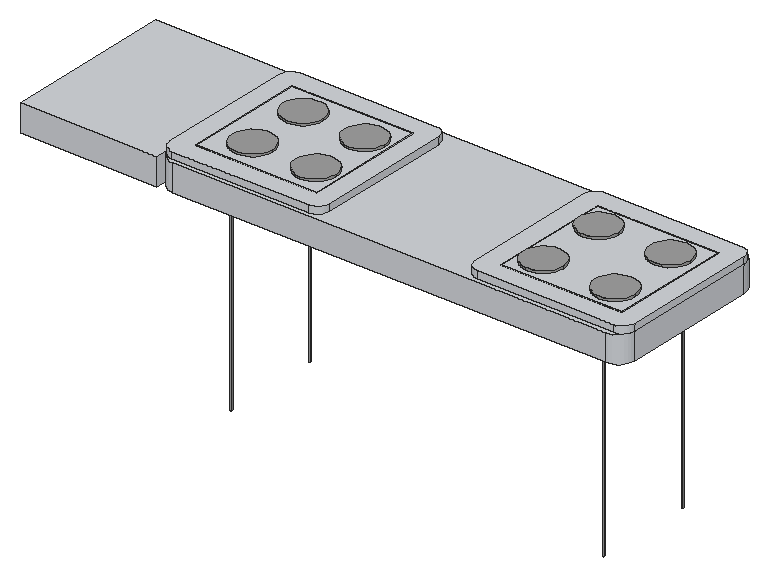
Revit family "Lighting-Industriale-GEWISS-SMART[4]HE_APPARECCHI-LED_EMERGENZA_2M", category Apparecchi per illuminazione, Revit 2019
Family settings
  Quota connettore circolare = Usa diametro
  Tipo di parte = Normale
  Numero OmniClass = 23.80.70.11.21
  Titolo OmniClass = Emergency Lighting
  Basato su piano di lavoro = Sì
  Sempre verticale = No
  Taglio con vuoti quando caricato = No
  Sorgente d'illuminazione = No
  Condiviso = No
  Punto di calcolo locali = No
Parameters (values of type "GWS4224AQ857 - SMART4HB 2M EMERG ELL.57K")
  Voltaggio = 230 V
  Viti esterne = "Acciaio inox"
  Versione file RFA = "20.11"
  Vano di alimentazione = "Integrato"
  URL = "https://www.gewiss.com/it/it"
  Tolleranza cromatica = "SDCM = 3"
  Tipologia sorgente luminosa = "LED - Non sostituibile"
  Tipo di installazione e montaggio = "Plafone - Sospensione"
  Tipo di apparecchio = "Riflettore industriale a LED&nbsp;"
  Tensione di alimentazione = "220 - 240 V"
  Temperatura di stoccaggio = "-40 +70 °C"
  Temperatura di esercizio = "0 ÷ +40 °C"
  Temperatura di colore = "5700K"
  Superficie massima esposta al vento : = "0,220 m²"
  Spostamento_y_etichetta [instance] = 0 mm
  Spostamento_y_effettivo_etichetta [instance] = 1500 mm - Spostamento_y_etichetta  # 1500 mm
  Spostamento_x_etichetta [instance] = 0 mm
  Spostamento_X_effettivo_etichetta [instance] = 1500 mm - Spostamento_y_etichetta  # 1500 mm
  SostituibilitÃ  piastra di cablaggio = "Solo batteria NiMh"
  SostituibilitÃ  gruppo ottico = "Non sostituibile"
  Sistema di controllo = "1 x DALI DT6 + 1 x DALI DT1 (Emerg. 3h)"
  Schermo = "Vetro Temprato Spessore 4mm"
  Scheda Tecnica = "https://www.gewiss.com/it/it/search?q=GWS4224AQ857"
  Resistenza al filo incandescente = "850 °C"
  Resistenza agli urti = "IK08"
  Produttore = "GEWISS S.p.A."
  Potenza assorbita : = "95 W (+5W Emerg.)"
  Peso (kg): = "8"
  Ottica = "Ellittica"
  Offset etichetta W [instance] = 887 mm
  Norma di riferimento = "EN 60598-2-22 ; EN 60598-1 ; EN 60598-2-24"
  Modello = "GWS4224AQ857"
  Materiali = "-"
  Lampada = "LED"
  Installazione e manutenzione = "-"
  Informazioni generali = "-"
  Indice di resa cromatica = "CRI-80"
  Inclinazione = "-"
  Immagine tipo = GWL1391E.jpg
  IPEA = "-"
  IFC.TypeObject = ""
  IFC.ExportType = ""
  IFC.ExportAs = ""
  IDT = "91df4c41cb4c4ac4b5ce1e3797edda73"
  IDF = "f9e5e342-8f4f-4b0e-9b86-b658c052e0a3"
  Guarnizioni = "tipo siliconico antinvecchiamento "
  Gruppo ottico = "Riflettore in PC metallizzato e lenti in PMMA"
  Grado di protezione = "IP65"
  Garanzia = "5 anni"
  Gancio di chiusura = "-"
  Frequenza nominale (Hz) = "50/60 Hz"
  Flusso luminoso apparecchio (lm) = "12300 (750 Emerg.)"
  Fissaggio = "-"
  Finitura colore = "Grigio RAL 7035"
  Etichetta wattaggio [instance] = yes
  Trasformatore = none
  Struttura plafoniera = none
  Spessore plafoniera = 40 mm  # constant formula
  Default Elevation = 1219.2 mm  # constant formula
  Proiettsmart2_simb [instance] = yes
  Plafoniera bidimensionale [instance] = not(Proiettsmart2_simb)  # no
  Efficienza luminosa (lm/W) = "123"
  Durata di vita = "L90B10 (Tq+25°C) = 100.000 h - L90B10 (Tq+50°C) = 50.000 h"
  Dispositivo di protezione = "DM 6 kV / CM 10 kV"
  Descrizione = "SMART[4]HB 2M EMERG ELL.57K"
  Creato da GEWISS S.p.A. = ""
  Corpo = "PA6 “Halogen Free” caricato fibra vetro"
  Controllo abbagliamento e luminanza = "-"
  Contesto = "Illuminazione di industrie e impianti sportivi"
  Colore = "Grigio RAL 7035"
  Codice digitale univoco (Datamatrix) = "Datamatrix"
  Codice Electrocod = "2444"
  Classificazione: = "-"
  Classificazione = Lighting
  Classe isolamento = "I"
  Classe fotobiologica = "RG0"
  Certificazioni e classificazioni = "-"
  Certificazione DIN 18032-3 = "-"
  Catalogo = "LIGHTING"
  Carico apparente = 100 VA
  Motore = none
  Mascherina = none
  Lunghezza = 699 mm  # constant formula
  Larghezza = 254 mm  # constant formula
  Distanza_tot_plafoniera [instance] = 300 mm
  Dist_sorg_lum = 10 mm  # constant formula
  Caratteristiche ottiche e illuminotecniche = "-"
  Caratteristiche elettriche e gestione della luce = "-"
  Cablaggio = "Con connettore stagno Gw connect"
  COBie.Tagnumber = ""
  COBie.CreatedOn = ""
  COBie.CreatebBy = ""
  COBie.ComponentRegisterItemID = ""
  COBie.Component.TagNumber = ""
  COBie.Component.Space = ""
  COBie.Component.SerialNumber = ""
  COBie.Component.InstallationDate = ""
  COBie.Component.Description = ""
  COBie.Component.BarCode = ""
  Applicazione = "Interno"
  Apparecchio a ridotta temperatura superficiale = "Si"
  Alimentatore = "Incluso"
Types (18, lengths in mm): name | Temperatura di colore | Scheda Tecnica | Ottica | Modello | IDT | Gruppo ottico | Flusso luminoso apparecchio (lm) | Efficienza luminosa (lm/W) | Descrizione | Controllo abbagliamento e luminanza
  GWS4224AA830 - SMART4HB 2M EMERG ARR.30K | "3000K" | "https://www.gewiss.com/it/it/search?q=GWS4224AA830" | "Array" | "GWS4224AA830" | "ddca898b58cc468391a90b385d1b094a" | "Riflettore in PC metallizzato" | "13200 (810 Emerg.)" | "132" | "SMART[4]HB 2M EMERG ARR.30K" | "UGR - 25"
  GWS4224AA840 - SMART4HB 2M EMERG ARR.40K | "4000K" | "https://www.gewiss.com/it/it/search?q=GWS4224AA840" | "Array" | "GWS4224AA840" | "b2cd4d45acdb4d26a08822166aa529e5" | "Riflettore in PC metallizzato" | "13800 (850 Emerg.)" | "138" | "SMART[4]HB 2M EMERG ARR.40K" | "UGR - 25"
  GWS4224AA857 - SMART4HB 2M EMERG ARR.57K | "5700K" | "https://www.gewiss.com/it/it/search?q=GWS4224AA857" | "Array" | "GWS4224AA857" | "4f2567158a8449768f23b8201484c4a6" | "Riflettore in PC metallizzato" | "13800 (850 Emerg.)" | "138" | "SMART[4]HB 2M EMERG ARR.57K" | "UGR - 25"
  GWS4224AC830 - SMART4HB 2M EMERG ASI.30K | "3000K" | "https://www.gewiss.com/it/it/search?q=GWS4224AC830" | "Asimmetrica" | "GWS4224AC830" | "8484b2d5bdb4462ca94933d2a3467d32" | "Riflettore in PC metallizzato e lenti in PMMA" | "11900 (710 Emerg.)" | "119" | "SMART[4]HB 2M EMERG ASI.30K" | "-"
  GWS4224AC840 - SMART4HB 2M EMERG ASI.40K | "4000K" | "https://www.gewiss.com/it/it/search?q=GWS4224AC840" | "Asimmetrica" | "GWS4224AC840" | "70095c9694ad49aea01bf23664485749" | "Riflettore in PC metallizzato e lenti in PMMA" | "12500 (750 Emerg.)" | "125" | "SMART[4]HB 2M EMERG ASI.40K" | "-"
  GWS4224AC857 - SMART4HB 2M EMERG ASI.57K | "5700K" | "https://www.gewiss.com/it/it/search?q=GWS4224AC857" | "Asimmetrica" | "GWS4224AC857" | "04b36db2bfbf48be9de5e389c15cee97" | "Riflettore in PC metallizzato e lenti in PMMA" | "12500 (750 Emerg.)" | "125" | "SMART[4]HB 2M EMERG ASI.57K" | "-"
  GWS4224AF830 - SMART4HB 2M EMERG 30° 30K | "3000K" | "https://www.gewiss.com/it/it/search?q=GWS4224AF830" | "30°" | "GWS4224AF830" | "24d024f52ae745cdb0495df97ad23bbb" | "Riflettore in PC metallizzato e lenti in PMMA" | "13000 (810 Emerg.)" | "130" | "SMART[4]HB 2M EMERG 30° 30K" | "UGR - 19"
  GWS4224AF840 - SMART4HB 2M EMERG 30° 40K | "4000K" | "https://www.gewiss.com/it/it/search?q=GWS4224AF840" | "30°" | "GWS4224AF840" | "c5abd454be1e498184750121f1994d5c" | "Riflettore in PC metallizzato e lenti in PMMA" | "13700 (850 Emerg.)" | "137" | "SMART[4]HB 2M EMERG 30° 40K" | "UGR - 19"
  GWS4224AF857 - SMART4HB 2M EMERG 30° 57K | "5700K" | "https://www.gewiss.com/it/it/search?q=GWS4224AF857" | "30°" | "GWS4224AF857" | "dca4ed86e4974cc39d79aa998c300666" | "Riflettore in PC metallizzato e lenti in PMMA" | "13700 (850 Emerg.)" | "137" | "SMART[4]HB 2M EMERG 30° 57K" | "UGR - 19"
  GWS4224AH830 - SMART4HB 2M EMERG 60° 30K | "3000K" | "https://www.gewiss.com/it/it/search?q=GWS4224AH830" | "60°" | "GWS4224AH830" | "374fac0bddcd4ad093cbab91c811f6e1" | "Riflettore in PC metallizzato e lenti in PMMA" | "13100 (810 Emerg.)" | "131" | "SMART[4]HB 2M EMERG 60° 30K" | "UGR - 22"
  GWS4224AH840 - SMART4HB 2M EMERG 60° 40K | "4000K" | "https://www.gewiss.com/it/it/search?q=GWS4224AH840" | "60°" | "GWS4224AH840" | "966302bd3fb5478a88f90e0a67a21001" | "Riflettore in PC metallizzato e lenti in PMMA" | "13800 (850 Emerg.)" | "138" | "SMART[4]HB 2M EMERG 60° 40K" | "UGR - 22"
  GWS4224AH857 - SMART4HB 2M EMERG 60° 57K | "5700K" | "https://www.gewiss.com/it/it/search?q=GWS4224AH857" | "60°" | "GWS4224AH857" | "ca5039fdfbec4c55a01fd30951cbc420" | "Riflettore in PC metallizzato e lenti in PMMA" | "13800 (850 Emerg.)" | "138" | "SMART[4]HB 2M EMERG 60° 57K" | "UGR - 22"
  GWS4224AP830 - SMART4HB 2M EMERG 90° 30K | "3000K" | "https://www.gewiss.com/it/it/search?q=GWS4224AP830" | "90°" | "GWS4224AP830" | "d9c11ad2b7a449ceb19bb0a75bbba686" | "Riflettore in PC metallizzato e lenti in PMMA" | "13300 (810 Emerg.)" | "133" | "SMART[4]HB 2M EMERG 90° 30K" | "UGR - 22"
  GWS4224AP840 - SMART4HB 2M EMERG 90° 40K | "4000K" | "https://www.gewiss.com/it/it/search?q=GWS4224AP840" | "90°" | "GWS4224AP840" | "3505a121384a4fea8e5d3b1a2574684e" | "Riflettore in PC metallizzato e lenti in PMMA" | "13900 (850 Emerg.)" | "139" | "SMART[4]HB 2M EMERG 90° 40K" | "UGR - 22"
  GWS4224AP857 - SMART4HB 2M EMERG 90° 57K | "5700K" | "https://www.gewiss.com/it/it/search?q=GWS4224AP857" | "90°" | "GWS4224AP857" | "ca337bbc8989457fbb838d0e52595f7d" | "Riflettore in PC metallizzato e lenti in PMMA" | "13900 (850 Emerg.)" | "139" | "SMART[4]HB 2M EMERG 90° 57K" | "UGR - 22"
  GWS4224AQ830 - SMART4HB 2M EMERG ELL.30K | "3000K" | "https://www.gewiss.com/it/it/search?q=GWS4224AQ830" | "Ellittica" | "GWS4224AQ830" | "c992ec81b8e04d4388351a645f1a9fa7" | "Riflettore in PC metallizzato e lenti in PMMA" | "11800 (710 Emerg.)" | "118" | "SMART[4]HB 2M EMERG ELL.30K" | "-"
  GWS4224AQ840 - SMART4HB 2M EMERG ELL.40K | "4000K" | "https://www.gewiss.com/it/it/search?q=GWS4224AQ840" | "Ellittica" | "GWS4224AQ840" | "09df45b130174d50ba632003b14c125b" | "Riflettore in PC metallizzato e lenti in PMMA" | "12300 (750 Emerg.)" | "123" | "SMART[4]HB 2M EMERG ELL.40K" | "-"
  GWS4224AQ857 - SMART4HB 2M EMERG ELL.57K | "5700K" | "https://www.gewiss.com/it/it/search?q=GWS4224AQ857" | "Ellittica" | "GWS4224AQ857" | "91df4c41cb4c4ac4b5ce1e3797edda73" | "Riflettore in PC metallizzato e lenti in PMMA" | "12300 (750 Emerg.)" | "123" | "SMART[4]HB 2M EMERG ELL.57K" | "-"
Reference planes
  plane 1 "Asse sorgente illuminazione (F/B)": y = 0
  plane 2: z = 0
  plane 3 "Asse sorgente illuminazione (L/R)": x = 0
  plane 4 "Prospetto sorgente di illuminazione": z = 1500
  plane 5: x = -349.5
  plane 6: y = 127
  plane 7: x = 349.5
  plane 8: y = -127
  plane 9: z = -340
  plane 10: z = -300
  plane 11: x = 344.5
  plane 12: x = -344.5
  plane 13: x = -104.5
  plane 14: x = 104.5
  plane 15: y = -1500
  plane 16: x = -1500
  plane 17: y = 0
  plane 18: x = 0
  plane 19: z = 340
  plane 20: z = 300
  plane 21: z = 350
Forms (mm)
  Extrusion 1, solid
    sketch origin (-1.25, 0, 0) x (1, 0, 0) y (0, 1, 0)
      loop
        line (-555.001, 127) -> (-555.001, -127) -> (-349.5, -127) -> (-349.5, 127) -> (-555.001, 127)
    from 300 to 340
Dimensions and locks
  equal spacing: plane 6, plane 1 "Asse sorgente illuminazione (F/B)", plane 8
  "Larghezza": plane 6 to plane 8
  equal spacing: plane 5, plane 3 "Asse sorgente illuminazione (L/R)", plane 7
  "Lunghezza": plane 5 to plane 7
  locked: plane 5 to plane 12 at 5
  locked: plane 11 to plane 7 at 5
  plane 16 to plane 3 "Asse sorgente illuminazione (L/R)" = 1500 mm
  plane 1 "Asse sorgente illuminazione (F/B)" to plane 15 = 1500 mm
  "Spostamento_X_effettivo_etichetta": plane 16 to plane 18
  "Spostamento_y_effettivo_etichetta": plane 17 to plane 15
  locked: plane 19 to plane 20 at 40
  "Distanza_tot_plafoniera": plane 20 to plane 2
  locked: plane 21 to plane 19 at 10
  aligned and locked: level to plane 2
  aligned and locked: plane 6 to nested 1
  aligned and locked: Extrusion 1 sketch curve to plane 6
  aligned and locked: nested 1 to Extrusion 1 sketch curve
  aligned and locked: Extrusion 1 sketch curve to nested 1
  aligned and locked: nested 5 to plane 18
  aligned and locked: nested 5 to plane 17
  aligned and locked: nested 6 to nested 15
  aligned and locked: Extrusion 1 to plane 19
  aligned and locked: plane 20 to Extrusion 1
  aligned and locked: nested 1 to plane 19
  aligned and locked: nested 2 to plane 20
  aligned and locked: nested 26 to plane 20  (x2)
  aligned and locked: plane 2 to nested 25
  aligned and locked: nested 2 to plane 2
  aligned and locked: nested 26 to plane 2  (x2)
  aligned and locked: plane 2 to nested 24
  aligned and locked: plane 2 to nested 26
  aligned and locked: plane 19 to nested 6
  aligned and locked: plane 21 to nested 13
  aligned and locked: nested 14 to plane 21
  aligned and locked: plane 21 to nested 10
  aligned and locked: plane 21 to nested 12
  aligned and locked: nested 8 to plane 21
  aligned and locked: plane 21 to nested 11
  aligned and locked: nested 9 to plane 21
Automatic sketch dimensions
  Extrusion 1 sketch curve to Extrusion 1 sketch curve = 205.501 mm
Nested families
  nested 1: "Struttura_SMART 4" at (-1.25, 0, 340), type "SMART 4 HB - 4+4L"
  nested 2: "Sospensione_ SMART LAB 4" at (-281.25, 74, 0), Altezza sospensione <- "Distanza_tot_plafoniera", type "Sospensione_ SMART LAB 4"
    with Altezza sospensione 300 mm, Default Elevation 300 mm
  nested 3: "PROIETTSMART - 2" at (0, 0, 0), visible <- "Proiettsmart2_simb", type "PROIETTSMART - 2"
  nested 4: "Rappr_ bidimensionale_SMART (4)  4 + 4 L_em" at (2.5, 0, 0), visible <- "Plafoniera bidimensionale", type "SMART (4)  4 + 4 L_bidimensionale "
  nested 5: "ETICHETTA LIGHT" at (0, 0, 0), type "ETICHETTA LIGHT"
  nested 6: "mascherina_SMART (4)" at (-230.75, 0, 350), type "Maschera_smart (4) 4L", detail levels fine
  nested 7: "mascherina_SMART (4)" at (228.25, 0, 350) x (-1, 0, 0) z (0, 0, 1), type "Maschera_smart (4) 4L", detail levels fine
  nested 8: "Gewis - Led" at (170.467, 52, 353), type "Gewis - Led", detail levels medium+fine
  nested 9: "Gewis - Led" at (278.25, 52, 353), type "Gewis - Led", detail levels medium+fine
  nested 10: "Gewis - Led" at (170.467, -52, 353), type "Gewis - Led", detail levels medium+fine
  nested 11: "Gewis - Led" at (278.25, -52, 353), type "Gewis - Led", detail levels medium+fine
  nested 12: "Gewis - Led" at (-175.75, 45, 353) x (-1, 0, 0) z (0, 0, 1), type "Gewis - Led", detail levels medium+fine
  nested 13: "Gewis - Led" at (-270.75, 47.625, 353) x (-1, 0, 0) z (0, 0, 1), type "Gewis - Led", detail levels medium+fine
  nested 14: "Gewis - Led" at (-175.75, -47.089, 353) x (-1, 0, 0) z (0, 0, 1), type "Gewis - Led", detail levels medium+fine
  nested 15: "Gewis - Led" at (-270.75, -47.089, 353) x (-1, 0, 0) z (0, 0, 1), type "Gewis - Led", detail levels medium+fine
  nested 16: "Gewis - Led" at (171.717, 52, -287), type "Gewis - Led", not visible, detail levels medium+fine
  nested 17: "Gewis - Led" at (279.5, 52, -287), type "Gewis - Led", not visible, detail levels medium+fine
  nested 18: "Gewis - Led" at (171.717, -52, -287), type "Gewis - Led", not visible, detail levels medium+fine
  nested 19: "Gewis - Led" at (279.5, -52, -287), type "Gewis - Led", not visible, detail levels medium+fine
  nested 20: "Gewis - Led" at (-174.5, 45, -287) x (-1, 0, 0) z (0, 0, 1), type "Gewis - Led", not visible, detail levels medium+fine
  nested 21: "Gewis - Led" at (-269.5, 47.625, -287) x (-1, 0, 0) z (0, 0, 1), type "Gewis - Led", not visible, detail levels medium+fine
  nested 22: "Gewis - Led" at (-174.5, -47.089, -287) x (-1, 0, 0) z (0, 0, 1), type "Gewis - Led", not visible, detail levels medium+fine
  nested 23: "Gewis - Led" at (-269.5, -47.089, -287) x (-1, 0, 0) z (0, 0, 1), type "Gewis - Led", not visible, detail levels medium+fine
  nested 24: "Sospensione_ SMART LAB 4" at (278.75, 74, 0) x (-1, 0, 0) z (0, 0, 1), Altezza sospensione <- "Distanza_tot_plafoniera", type "Sospensione_ SMART LAB 4"
    with Altezza sospensione 300 mm, Default Elevation 300 mm
  nested 25: "Sospensione_ SMART LAB 4" at (-281.25, -74, 0), Altezza sospensione <- "Distanza_tot_plafoniera", type "Sospensione_ SMART LAB 4"
    with Altezza sospensione 300 mm, Default Elevation 300 mm
  nested 26: "Sospensione_ SMART LAB 4" at (278.75, -74, 0) x (-1, 0, 0) z (0, 0, 1), Altezza sospensione <- "Distanza_tot_plafoniera", type "Sospensione_ SMART LAB 4"
    with Altezza sospensione 300 mm, Default Elevation 300 mm
Connectors
  electrical at (-1.241, -0.098, 300), driven by "Voltaggio", driven by "Carico apparente", driven by "Classificazione"
    settings: on nested 1, index 1, voltage 230 V, apparent load 0 VA, apparent load phase1 100 VA, apparent load phase2 0 VA, apparent load phase3 0 VA, power factor 1, load classification "Lighting", number of poles 1, system type 31, power factor state 1, is connector primary yes, connector utility no, sub classification motor no, connector description ""
Definition of nested family "Struttura_SMART 4"
  Parameters (values of type "SMART 4 HB - 4+4L")
    Struttura plafoniera = none
    Spessore_plafoniera = 40 mm
    Lunghezza = 699 mm
    Larghezza = 254 mm
  Types (2, lengths in mm): name | Lunghezza | Larghezza
    SMART Lab (4) 4L | 383 | 253
    SMART 4 HB - 4+4L | 699 | 254
  Reference planes
    plane 1 "Asse sorgente illuminazione (F/B)": y = 0
    plane 2: z = 0
    plane 3 "Asse sorgente illuminazione (L/R)": x = 0
    plane 4 "Prospetto sorgente di illuminazione": z = -40
    plane 5 "SX": x = -349.5
    plane 6 "DX": x = 349.5
    plane 7 "DIETRO": y = 127
    plane 8 "AVANTI": y = -127
    plane 9: x = 106.5
    plane 10: x = 338.5
    plane 11: y = -116
    plane 12: y = 116
    plane 13: x = -338.5
    plane 14: x = -106.5
  Forms (mm)
    Extrusion 1, solid, material <- "Struttura plafoniera"
      sketch origin (0, 0, 0) x (1, 0, 0) y (0, 1, 0)
        loop
          line (349.5, -102.595) -> (349.5, 102.59)
          arc (349.5, 102.59) -> (342.35, 119.85) -> (325.09, 127) r 24.41
          line (325.09, 127) -> (-325.009, 127)
          arc (-325.009, 127) -> (-342.554, 119.6) -> (-349.5, 101.871) r 24.499
          line (-349.5, 101.871) -> (-349.5, -102.592)
          arc (-349.5, -102.592) -> (-342.351, -119.851) -> (-325.092, -127) r 24.408
          line (-325.092, -127) -> (325.117, -127)
          arc (325.117, -127) -> (342.334, -119.868) -> (349.465, -102.652) r 24.348
      from -40 to 0
  Dimensions and locks
    equal spacing: plane 5 "SX", plane 3 "Asse sorgente illuminazione (L/R)", plane 6 "DX"
    equal spacing: plane 7 "DIETRO", plane 1 "Asse sorgente illuminazione (F/B)", plane 8 "AVANTI"
    "Lunghezza": plane 5 "SX" to plane 6 "DX"
    "Larghezza": plane 7 "DIETRO" to plane 8 "AVANTI"
    locked: plane 7 "DIETRO" to plane 12 at 11
    locked: plane 11 to plane 8 "AVANTI" at 11
    locked: plane 10 to plane 6 "DX" at 11
    locked: plane 9 to plane 10 at 232
    plane 13 to plane 14 = 232 mm
    locked: plane 5 "SX" to plane 13 at 11
    "Spessore_plafoniera": plane 2 to plane 4 "Prospetto sorgente di illuminazione"
    aligned and locked: level to plane 2
    aligned and locked: Extrusion 1 to plane 5 "SX"
    aligned and locked: Extrusion 1 to plane 8 "AVANTI"  (x2)
    aligned and locked: plane 7 "DIETRO" to Extrusion 1
    aligned and locked: plane 6 "DX" to Extrusion 1
    aligned and locked: plane 4 "Prospetto sorgente di illuminazione" to Extrusion 1
    aligned and locked: plane 2 to Extrusion 1
  Automatic sketch dimensions
    Extrusion 1 sketch curve to plane 5 "SX" = 0 mm
    Extrusion 1 sketch curve to plane 8 "AVANTI" = 0 mm
    Extrusion 1 sketch curve to plane 7 "DIETRO" = 0 mm
    Extrusion 1 sketch curve to plane 6 "DX" = 0 mm
    plane 13 to Extrusion 1 sketch curve = 13.408 mm
    plane 13 to Extrusion 1 sketch curve = 13.491 mm
    Extrusion 1 sketch curve to plane 10 = 13.41 mm
    Extrusion 1 sketch curve to plane 10 = 13.383 mm
    plane 11 to Extrusion 1 sketch curve = 13.348 mm
    Extrusion 1 sketch curve to plane 12 = 14.129 mm
    Extrusion 1 sketch curve to Extrusion 1 sketch curve = 0.056 mm
Definition of nested family "Sospensione_ SMART LAB 4"
  Parameters (values of type "Sospensione_ SMART LAB 4")
    Default Elevation = 1219.2 mm
    Altezza sospensione [instance] = 500 mm
  Reference planes
    plane 1 "Center (Front/Back)": y = 0
    plane 2: z = 0
    plane 3 "Center (Left/Right)": x = 0
    plane 4: z = 500
    plane 5: z = 469.347
    plane 6: z = 423.77
  Forms (mm)
    Extrusion 1, solid
      sketch origin (0, 0, 0) x (1, 0, 0) y (0, 1, 0)
        loop
          circle (0, -0.028) r 1.25
      from 0 to 500
  Lines and regions (mm)
    model lines, not visible
      curve 1: line (0, 0, 0) -> (0, 0, 9.482)
  Dimensions and locks
    "Altezza sospensione": plane 4 to level
    plane 4 to plane 5 = 30.653 mm
    locked: plane 6 to plane 5 at 45.576
    aligned and locked: level to plane 2
    aligned and locked: plane 4 to Extrusion 1
    aligned and locked: Extrusion 1 to plane 2
  Automatic sketch dimensions
    Extrusion 1 sketch curve to plane 3 "Center (Left/Right)" = 0 mm
    plane 1 "Center (Front/Back)" to Extrusion 1 sketch curve = 0.028 mm
    curve 1 to plane 3 "Center (Left/Right)" = 0 mm
    curve 1 to level = 0 mm
    curve 1 to curve 1 = 9.482 mm
    radius of Extrusion 1 sketch curve = 1.25 mm
Definition of nested family "mascherina_SMART (4)"
  Parameters (values of type "Maschera_smart (4) 4L")
    Spessore_mascherina = 10 mm
    Default Elevation = 1219.2 mm
    N.intarsi = (Lunghezza_mascherina - (Bordo * 2)) / 15 mm  # 12
    N._intarsi verticale = (Larghezza_mascherina - (Bordo * 2)) / 17 mm  # 11
    Mascherina = none
    Lunghezza_mascherina = 240 mm
    Larghezza_mascherina = 240 mm
    Distanza_intarsi v. = 41 mm  # constant formula
    Distanza_intarsi = 37 mm  # constant formula
    Bordo = 29 mm
  Reference planes
    plane 1 "Centro (Fronte/Retro)": y = 0
    plane 2: z = 0
    plane 3 "Centro (Sinistra/Destra)": x = 0
    plane 4: x = -120
    plane 5 "Dietro": y = 120
    plane 6: x = 120
    plane 7: y = -120
    plane 8: x = -91
    plane 9: y = -91
    plane 10: x = 91
    plane 11: y = 91
    plane 12: x = -83
    plane 13: y = 94.742
    plane 14: y = -95
    plane 15: z = -10
    plane 16: x = -95
    plane 17: y = 79
    plane 18: y = -79
    plane 19: x = 95
    plane 20: z = -4.799
  Forms (mm)
    Extrusion 1, solid, material <- "Mascherina"
      sketch origin (0, 0, 0) x (1, 0, 0) y (0, 1, 0)
        loop
          arc (-102.5, 120) -> (-114.874, 114.874) -> (-120, 102.5) r 17.5
          line (-120, 102.5) -> (-120, -102.5)
          arc (-120, -102.5) -> (-114.874, -114.874) -> (-102.5, -120) r 17.5
          line (-102.5, -120) -> (102.5, -120)
          arc (102.5, -120) -> (114.874, -114.874) -> (120, -102.5) r 17.5
          line (120, -102.5) -> (120, 102.5)
          arc (120, 102.5) -> (114.874, 114.874) -> (102.5, 120) r 17.5
          line (102.5, 120) -> (-102.5, 120)
        loop
          line (-91, 91) -> (-91, -91) -> (91, -91) -> (91, 91) -> (-91, 91)
      from -10 to 0
    Extrusion 2, solid, material <- "Mascherina"
      sketch origin (0, 0, 0) x (1, 0, 0) y (0, 1, 0)
        loop
          line (-91, 91) -> (-91, -91) -> (91, -91) -> (91, 91) -> (-91, 91)
      from -4.799 to 0
  Dimensions and locks
    equal spacing: plane 4, plane 3 "Centro (Sinistra/Destra)", plane 6
    "Lunghezza_mascherina": plane 4 to plane 6
    equal spacing: plane 5 "Dietro", plane 1 "Centro (Fronte/Retro)", plane 7
    "Larghezza_mascherina": plane 5 "Dietro" to plane 7
    "Bordo": plane 4 to plane 8
    "Bordo": plane 9 to plane 7
    "Bordo": plane 5 "Dietro" to plane 11
    "Bordo": plane 10 to plane 6
    "Distanza_intarsi": plane 4 to plane 12
    locked: plane 13 to plane 11 at 3.742
    "Spessore_mascherina": plane 2 to plane 15
    "Distanza_intarsi v.": plane 5 "Dietro" to plane 17
    "Distanza_intarsi v.": plane 18 to plane 7
    locked: plane 9 to plane 14 at 4
    locked: plane 16 to plane 8 at 4
    locked: plane 10 to plane 19 at 4
    locked: plane 2 to plane 20 at 4.799
    radius of Extrusion 1 sketch curve = 17.5 mm  (x4)
    aligned and locked: level to plane 2
    aligned and locked: plane 4 to Extrusion 1 sketch curve
    aligned and locked: plane 6 to Extrusion 1 sketch curve
    aligned and locked: Extrusion 1 sketch curve to plane 5 "Dietro"
    aligned and locked: Extrusion 1 sketch curve to plane 7
    aligned and locked: Extrusion 1 sketch curve to plane 11
    aligned and locked: plane 8 to Extrusion 1 sketch curve
    aligned and locked: plane 9 to Extrusion 1 sketch curve
    aligned and locked: Extrusion 1 sketch curve to plane 10
    aligned and locked: plane 2 to Extrusion 1
    aligned and locked: Extrusion 1 to plane 15
    aligned and locked: Extrusion 2 sketch curve to plane 10
    aligned and locked: plane 9 to Extrusion 2 sketch curve
    aligned and locked: plane 8 to Extrusion 2 sketch curve
    aligned and locked: Extrusion 2 sketch curve to plane 11
    aligned and locked: plane 2 to Extrusion 2
    aligned and locked: Extrusion 2 to plane 20
Definition of nested family "Gewis - Led"
  Parameters (values of type "Gewis - Led")
    Vetro = none
    Raggio led = 30 mm
    Default Elevation = 1219.2 mm
    Estensione vetro = 3 mm
  Reference planes
    plane 1 "Centro (Fronte/Retro)": y = 0
    plane 2: z = 0
    plane 3 "Centro (Sinistra/Destra)": x = 0
  Forms (mm)
    Extrusion 1, solid, material <- "Vetro"
      sketch origin (0, 0, 0) x (1, 0, 0) y (0, 1, 0)
        loop
          circle (0, 0) r 30
      from -3 to 0
  Dimensions and locks
    "Estensione vetro": level to Extrusion 1
    "Raggio led": radius of Extrusion 1 sketch curve
    aligned and locked: level to plane 2
    aligned and locked: level to Extrusion 1
  Automatic sketch dimensions
    plane 1 "Centro (Fronte/Retro)" to Extrusion 1 sketch curve = 0 mm
    Extrusion 1 sketch curve to plane 3 "Centro (Sinistra/Destra)" = 0 mm
Definition of nested family "PROIETTSMART - 2"
  Reference planes
    plane 1 "Centro (Fronte/Retro)": y = 0
    plane 2: z = 0
    plane 3 "Centro (Sinistra/Destra)": x = 0
  Lines and regions (mm)
    model lines, in view "Livello rif."
      curve 1: line (88.431, -21.515, 0) -> (45.232, -0.008, 0)
      curve 2: line (45.232, -0.008, 0) -> (88.431, 21.758, 0)
      curve 3: line (88.431, 21.758, 0) -> (88.431, -21.515, 0)
      curve 4: line (45.232, 21.629, 0) -> (45.232, -21.645, 0)
      curve 5: line (45.232, -0.008, 0) -> (19.971, -0.008, 0)
      curve 6: line (88.431, 0.122, 0) -> (107.084, 0.122, 0)
      curve 7: line (130, 66.747, 0) -> (130, -66.747, 0)
      curve 8: line (130, -66.747, 0) -> (-130, -66.747, 0)
      curve 9: line (-130, -66.747, 0) -> (-130, 66.747, 0)
      curve 10: line (-130, 66.747, 0) -> (130, 66.747, 0)
      curve 11: line (13.61, 49.667, 0) -> (112.96, 49.667, 0)
      curve 12: line (112.96, 49.667, 0) -> (112.96, -49.683, 0)
      curve 13: line (112.96, -49.683, 0) -> (13.61, -49.683, 0)
      curve 14: line (13.61, -49.683, 0) -> (13.61, 49.667, 0)
      curve 15: line (-38.138, -21.515, 0) -> (-81.338, -0.008, 0)
      curve 16: line (-81.338, -0.008, 0) -> (-38.138, 21.758, 0)
      curve 17: line (-38.138, 21.758, 0) -> (-38.138, -21.515, 0)
      curve 18: line (-81.338, 21.629, 0) -> (-81.338, -21.645, 0)
      curve 19: line (-81.338, -0.008, 0) -> (-106.599, -0.008, 0)
      curve 20: line (-38.138, 0.122, 0) -> (-19.485, 0.122, 0)
      curve 21: line (-112.96, 49.667, 0) -> (-13.61, 49.667, 0)
      curve 22: line (-13.61, 49.667, 0) -> (-13.61, -49.683, 0)
      curve 23: line (-13.61, -49.683, 0) -> (-112.96, -49.683, 0)
      curve 24: line (-112.96, -49.683, 0) -> (-112.96, 49.667, 0)
Definition of nested family "Rappr_ bidimensionale_SMART (4)  4 + 4 L_em"
  Types (2): name
    Rappr_ bidimensionale_SMART (4)  4 + 4 L
    SMART (4)  4 + 4 L_bidimensionale
  Reference planes
    plane 1 "Centro (Fronte/Retro)": y = 0
    plane 2: z = 0
    plane 3 "Centro (Sinistra/Destra)": x = 0
  Lines and regions (mm)
    model lines, in view "Livello rif."
      curve 1: circle (172.99, 47.066, 0) r 28.619 normal (0, 0, 1)
      curve 2: circle (266.99, -46.934, 0) r 28.619 normal (0, 0, 1)
      curve 3: circle (172.99, -46.934, 0) r 28.619 normal (0, 0, 1)
      curve 4: circle (266.99, 47.066, 0) r 28.619 normal (0, 0, 1)
      curve 5: arc (100.591, -104.024, 0) -> (105.11, -114.897, 0) -> (115.989, -119.398, 0) r 15.398
      curve 6: arc (-121.159, -119.398, 0) -> (-110.271, -114.888, 0) -> (-105.761, -104, 0) r 15.398
      curve 7: arc (-105.761, 104, 0) -> (-110.28, 114.897, 0) -> (-121.183, 119.398, 0) r 15.398
      curve 8: arc (-329.183, 119.398, 0) -> (-340.065, 114.871, 0) -> (-344.557, 103.975, 0) r 15.398
      curve 9: arc (-344.557, -103.975, 0) -> (-340.056, -114.879, 0) -> (-329.159, -119.398, 0) r 15.398
      curve 10: arc (323.989, -119.398, 0) -> (334.886, -114.879, 0) -> (339.388, -103.975, 0) r 15.398
      curve 11: arc (339.388, 104.025, 0) -> (334.86, 114.906, 0) -> (323.965, 119.398, 0) r 15.398
      curve 12: arc (115.965, 119.398, 0) -> (105.101, 114.888, 0) -> (100.591, 104.024, 0) r 15.398
      curve 13: arc (-352.013, -103.973, 0) -> (-345.339, -120.141, 0) -> (-329.187, -126.854, 0) r 22.854
      curve 14: arc (-329.186, 126.854, 0) -> (-345.319, 120.16, 0) -> (-352.013, 104.027, 0) r 22.854
      curve 15: arc (346.843, 104.027, 0) -> (340.13, 120.179, 0) -> (323.962, 126.854, 0) r 22.854
      curve 16: arc (323.961, -126.854, 0) -> (340.149, -120.16, 0) -> (346.843, -103.973, 0) r 22.854
      curve 17: circle (-178.16, -47.066, 0) r 28.619 normal (0, 0, 1)
      curve 18: circle (-272.16, 46.934, 0) r 28.619 normal (0, 0, 1)
      curve 19: circle (-178.16, 46.934, 0) r 28.619 normal (0, 0, 1)
      curve 20: circle (-272.16, -47.066, 0) r 28.619 normal (0, 0, 1)
      curve 21: line (127.489, -92.5, 0) -> (127.489, 92.5, 0)
      curve 22: line (127.489, 92.5, 0) -> (312.489, 92.5, 0)
      curve 23: line (312.489, 92.5, 0) -> (312.489, -92.5, 0)
      curve 24: line (312.489, -92.5, 0) -> (127.489, -92.5, 0)
      curve 25: line (100.591, -104.024, 0) -> (100.591, 104.024, 0)
      curve 26: line (115.989, -119.398, 0) -> (323.989, -119.398, 0)
      curve 27: line (-329.159, -119.398, 0) -> (-121.159, -119.398, 0)
      curve 28: line (-105.761, -104, 0) -> (-105.761, 104, 0)
      curve 29: line (-329.183, 119.398, 0) -> (-121.183, 119.398, 0)
      curve 30: line (-344.557, -103.975, 0) -> (-344.557, 103.975, 0)
      curve 31: line (339.388, -103.975, 0) -> (339.388, 104.025, 0)
      curve 32: line (115.965, 119.398, 0) -> (323.965, 119.398, 0)
      curve 33: line (-352.013, -103.973, 0) -> (-352.013, 104.027, 0)
      curve 34: line (323.962, 126.854, 0) -> (-329.186, 126.854, 0)
      curve 35: line (346.843, -103.973, 0) -> (346.843, 104.027, 0)
      curve 36: line (323.961, -126.854, 0) -> (-329.187, -126.854, 0)
      curve 37: line (-132.659, -92.5, 0) -> (-317.659, -92.5, 0)
      curve 38: line (-317.659, -92.5, 0) -> (-317.659, 92.5, 0)
      curve 39: line (-317.659, 92.5, 0) -> (-132.659, 92.5, 0)
      curve 40: line (-132.659, 92.5, 0) -> (-132.659, -92.5, 0)
    detail lines, in view "Livello rif."
      curve 41: line (-352.013, 126.854, 0) -> (-596.958, 126.854, 0)
      curve 42: line (-352.013, -126.854, 0) -> (-352.013, 126.854, 0)
      curve 43: line (-596.958, -126.854, 0) -> (-352.013, -126.854, 0)
      curve 44: line (-596.958, 126.854, 0) -> (-596.958, -126.854, 0)
Definition of nested family "ETICHETTA LIGHT"
  Parameters (values of type "ETICHETTA LIGHT")
    COMMENTI = "236W"
  Reference planes
    plane 1: y = 0
    plane 2: x = 0
  Text (mm)
    label "COMMENTI" at (-0.057, 0.105, 0), shows "COMMENTI"
